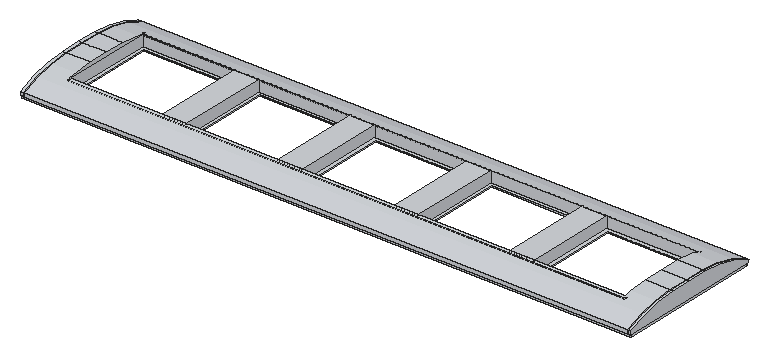
Revit family "Gira_0215726", category Electrical Fixtures, host Face, Revit 2017
Family settings
  Host = Face
  Maintain Annotation Orientation = No
  Round Connector Dimension = Use Diameter
  Part Type = Normal
  Cut with Voids When Loaded = No
  Shared = No
  Room Calculation Point = No
Parameters (values of type "Cov.fr. 5-g interm.fr. CAl Gira Event Clear white")
  URL = "http://katalog.gira.de/en/datenblatt.html?artikelnr=0215726"
  Transparent = "No"
  Name = "Cov.fr. 5-g interm.fr. CAl Gira Event Clear white"
  Manufacturer URL = "https://www.gira.de/"
  Manufacturer = "Gira"
  Label space/information surface = "No"
  Keynote = ""
  HeinzeBIM = "https://bimportal.heinze.de/bim/cov-fr-5-g-interm-fr-cal-gira-event-clear-white/c732b6e869f770ba29e4560e67d83d7073b35fe0"
  HAN = "0215726"
  GTIN = "4010337068747"
  Description = "Cov.fr.5g i.fr.CAl EvCl WH,Gira Event Clear cover frame,white with colour aluminium intermediate frame,5-gang,Features:,- Shatter-proof."
  Default Elevation = 1219.2 mm
  Data sheet (1) = "https://katalog.gira.de/en/download.html?artikelnr=0215726"
  Category = "Cover frame for domestic switching devices"
  BIM (1) = "https://media.stage.bim.site/public/gira/36a6b08/Event_Rahmen_5fach.rfa"
  Available = "No"
Reference planes
  plane 1 "Center (Front/Back)": y = 0
  plane 2: z = 0
  plane 3 "Center (Left/Right)": x = 0
Forms (mm)
  Extrusion 1, solid, detail levels fine
    sketch origin (0, 0, 0.05) x (0, 1, 0) y (0, 0, 1)
      loop
        arc (12.445, 9.683) -> (6.223, 9.833) -> (0, 9.85) r 291.636
        arc (0, 9.85) -> (-6.223, 9.833) -> (-12.445, 9.683) r 291.636
        arc (-12.445, 9.683) -> (-29.14, 7.482) -> (-45, 1.823) r 79.728
        line (-45, 1.823) -> (-45, -0.05) -> (-42.086, -0.05)
        arc (-42.086, -0.05) -> (-21.385, 5.559) -> (0, 7.206) r 114.424
        arc (0, 7.206) -> (21.385, 5.559) -> (42.086, -0.05) r 114.424
        line (42.086, -0.05) -> (45, -0.05) -> (45, 1.823)
        arc (45, 1.823) -> (29.14, 7.482) -> (12.445, 9.683) r 79.728
    from -185.578 to 185.593
  Extrusion 2, void, detail levels fine
    sketch origin (0, 0, 0) x (1, 0, 0) y (0, 1, 0)
      loop
        line (170.607, 28) -> (-170.593, 28) -> (-170.593, -28) -> (170.607, -28) -> (170.607, 28)
    from 0.724 to 11
  Extrusion 3, solid, detail levels coarse
    sketch origin (0, 0, 0) x (1, 0, 0) y (0, 1, 0)
      loop
        line (-187.578, 45) -> (-187.578, -45) -> (187.593, -45) -> (187.593, 45) -> (-187.578, 45)
    from -1.5 to 9.9
  Extrusion 4, solid, detail levels medium
    sketch origin (0, 0, 0.05) x (0, 1, 0) y (0, 0, 1)
      loop
        arc (12.445, 9.683) -> (6.223, 9.833) -> (0, 9.85) r 291.636
        arc (0, 9.85) -> (-6.223, 9.833) -> (-12.445, 9.683) r 291.636
        arc (-12.445, 9.683) -> (-29.14, 7.482) -> (-45, 1.823) r 79.728
        line (-45, 1.823) -> (-45, -0.05) -> (45, -0.05) -> (45, 1.823)
        arc (45, 1.823) -> (29.14, 7.482) -> (12.445, 9.683) r 79.728
    from -187.578 to 187.593
  Extrusion 5, solid, detail levels fine
    sketch origin (-142.578, 0, -1.5) x (0, 1, 0) y (0, 0, -1)
      loop
        line (45, -3.373) -> (45, -1.5) -> (-45, -1.5) -> (-45, -3.373)
        arc (-45, -3.373) -> (-29.14, -9.032) -> (-12.445, -11.233) r 79.728
        arc (-12.445, -11.233) -> (-6.223, -11.383) -> (0, -11.4) r 291.636
        arc (0, -11.4) -> (6.223, -11.383) -> (12.445, -11.233) r 291.636
        arc (12.445, -11.233) -> (29.14, -9.032) -> (45, -3.373) r 79.728
    from 43 to 45
  Extrusion 6, solid, detail levels fine
    sketch origin (0, 0, 0) x (1, 0, 0) y (0, 1, 0)
      loop
        line (-168.493, 25.7) -> (-168.493, -25.7) -> (-116.693, -25.7) -> (-116.693, 25.7) -> (-168.493, 25.7)
      loop
        line (-45.398, -25.7) -> (-45.398, 25.7) -> (-97.198, 25.7) -> (-97.198, -25.7) -> (-45.398, -25.7)
      loop
        line (-171.487, 28.49) -> (-171.487, -28.495)
        spline (-171.487, -28.495) -> (-171.479, -28.625) -> (-171.453, -28.754) -> (-171.411, -28.878) -> (-171.353, -28.995) -> (-171.281, -29.104) -> (-171.194, -29.202) -> (-171.096, -29.288) -> (-170.987, -29.361) -> (-170.87, -29.419) -> (-170.746, -29.461) -> (-170.618, -29.486) -> (-170.487, -29.495)
        line (-170.487, -29.495) -> (170.502, -29.495)
        spline (170.502, -29.495) -> (170.633, -29.486) -> (170.761, -29.461) -> (170.885, -29.419) -> (171.002, -29.361) -> (171.111, -29.288) -> (171.209, -29.202) -> (171.296, -29.104) -> (171.368, -28.995) -> (171.426, -28.878) -> (171.468, -28.754) -> (171.494, -28.625) -> (171.502, -28.495)
        line (171.502, -28.495) -> (171.502, 28.49)
        spline (171.502, 28.49) -> (171.494, 28.62) -> (171.468, 28.748) -> (171.426, 28.872) -> (171.368, 28.99) -> (171.296, 29.098) -> (171.209, 29.197) -> (171.111, 29.283) -> (171.002, 29.356) -> (170.885, 29.413) -> (170.761, 29.456) -> (170.633, 29.481) -> (170.502, 29.49)
        line (170.502, 29.49) -> (-170.487, 29.49)
        spline (-170.487, 29.49) -> (-170.618, 29.481) -> (-170.746, 29.456) -> (-170.87, 29.413) -> (-170.987, 29.356) -> (-171.096, 29.283) -> (-171.194, 29.197) -> (-171.281, 29.098) -> (-171.353, 28.99) -> (-171.411, 28.872) -> (-171.453, 28.748) -> (-171.479, 28.62) -> (-171.487, 28.49)
      loop
        line (25.902, -25.7) -> (25.902, 25.7) -> (-25.898, 25.7) -> (-25.898, -25.7) -> (25.902, -25.7)
      loop
        line (97.207, -25.7) -> (97.207, 25.7) -> (45.407, 25.7) -> (45.407, -25.7) -> (97.207, -25.7)
      loop
        line (168.507, -25.7) -> (168.507, 25.7) -> (116.707, 25.7) -> (116.707, -25.7) -> (168.507, -25.7)
    from 0.1 to 7.3
  Extrusion 7, solid
    sketch origin (0, 0, 0) x (1, 0, 0) y (0, 1, 0)
      loop
        arc (-187.293, -44.218) -> (-187.146, -44.572) -> (-186.793, -44.718) r 0.5
        line (-186.793, -44.718) -> (186.807, -44.718)
        arc (186.807, -44.718) -> (187.161, -44.572) -> (187.307, -44.218) r 0.5
        line (187.307, -44.218) -> (187.307, 44.182)
        arc (187.307, 44.182) -> (187.161, 44.535) -> (186.807, 44.682) r 0.5
        line (186.807, 44.682) -> (-186.793, 44.682)
        arc (-186.793, 44.682) -> (-187.146, 44.535) -> (-187.293, 44.182) r 0.5
        line (-187.293, 44.182) -> (-187.293, -44.218)
      loop
        line (-185.593, 42.982) -> (-185.593, -43.018) -> (185.607, -43.018) -> (185.607, 42.982) -> (-185.593, 42.982)
    from -1.5 to 0.5
  Extrusion 8, solid, detail levels fine
    sketch origin (142.593, 0, -1.5) x (0, 1, 0) y (0, 0, 1)
      loop
        arc (45, 3.373) -> (29.14, 9.032) -> (12.445, 11.233) r 79.728
        arc (12.445, 11.233) -> (6.223, 11.383) -> (0, 11.4) r 291.636
        arc (0, 11.4) -> (-6.223, 11.383) -> (-12.445, 11.233) r 291.636
        arc (-12.445, 11.233) -> (-29.14, 9.032) -> (-45, 3.373) r 79.728
        line (-45, 3.373) -> (-45, 1.5) -> (45, 1.5) -> (45, 3.373)
    from 43 to 45
  Extrusion 9, solid, detail levels medium
    sketch origin (0, 0, 0) x (1, 0, 0) y (0, 1, 0)
      loop
        line (-187.293, -44.718) -> (187.307, -44.718) -> (187.307, 44.682) -> (-187.293, 44.682) -> (-187.293, -44.718)
    from -1.5 to 0.5
  Extrusion 10, solid, detail levels fine
    sketch origin (-105.5, 0, 0) x (1, 0, 0) y (0, 1, 0)
      loop
        line (-8.943, 28.063) -> (-8.943, -27.937) -> (6.057, -27.937) -> (6.057, 28.063) -> (-8.943, 28.063)
    from 0.724 to 7.566
  Extrusion 11, solid, detail levels fine
    sketch origin (-37.085, 0, 0) x (-1, 0, 0) y (0, -1, 0)
      loop
        line (-8.943, -28.063) -> (6.057, -28.063) -> (6.057, 27.937) -> (-8.943, 27.937) -> (-8.943, -28.063)
    from 0.724 to 7.566
  Extrusion 12, solid, detail levels fine
    sketch origin (105.5, 0, 0) x (-1, 0, 0) y (0, -1, 0)
      loop
        line (-8.943, -28.063) -> (6.057, -28.063) -> (6.057, 27.937) -> (-8.943, 27.937) -> (-8.943, -28.063)
    from 0.724 to 7.566
  Extrusion 13, solid, detail levels fine
    sketch origin (37.085, 0, 0) x (1, 0, 0) y (0, 1, 0)
      loop
        line (-8.943, 28.063) -> (-8.943, -27.937) -> (6.057, -27.937) -> (6.057, 28.063) -> (-8.943, 28.063)
    from 0.724 to 7.566
Cuts and joins
  Extrusion 2 cuts Extrusion 1
  Extrusion 2 cuts Extrusion 6
Dimensions and locks
  aligned and locked: plane 2 to host face
  aligned and locked: level to host face
